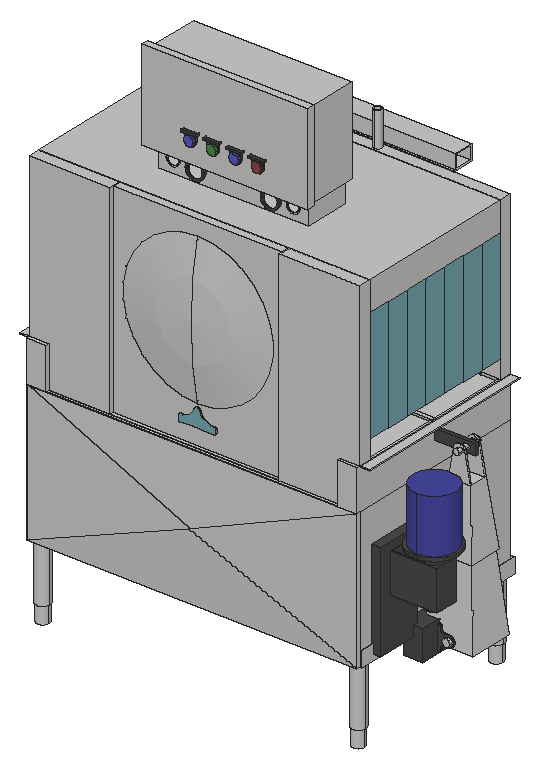
Revit family
Parameters (values of type "Requires Type Catalog QF_Stero_ER-44_L-R_S_cat.txt")
  Width = 3' - 8"
  Weight in Pounds = 850
  Watermarked By = "http://revitwatermark.com"
  Waste Water Discharge Temperature [instance] = -459.67 °F
  Volts = 208 V
  Ventilation Remarks [instance] = ""
  URL Cutsheet = ""
  URL = "www.stero.com"
  Total Height = 5' - 10 1/2"
  Table Height = 2' - 10"
  Swing Doors [instance] = no
  Steam Supply Volume [instance] = 0 GPM
  Steam Supply Size = 3/4"
  Steam Supply RI Height [instance] = 0' - 0"
  Steam Supply Minimum Pressure = 15.00 psi
  Steam Supply Maximum Pressure = 40.00 psi
  Steam Supply Connection Height = 1' - 2"
  Steam Pounds per Hour = 100
  Status [instance] = ""
  Standard Doors [instance] = not(Swing Doors)  # yes
  Specification by User [instance] = ""
  Specification by Manufacturer = ""
  Serial Number [instance] = ""
  Seismic Rating [instance] = ""
  SMACNA No [instance] = ""
  Right Ventilation Remarks [instance] = ""
  Right Vent [instance] = no
  Right Exhaust Volume [instance] = if(Right Vent, 400 CFM, 0 CFM)  # 0 CFM
  Right Exhaust Vent Width = 0' - 3 7/8"
  Right Exhaust Vent Text = "Vent, Unload End"
  Right Exhaust Vent Depth = 2' - 0 7/8"
  Right Exhaust Static Press = 0.00 in-wg
  Right Exhaust RI Height [instance] = 0' - 0"
  Right Exhaust Item Number [instance] = "-"
  Revision Code [instance] = ""
  Plumbing Remarks [instance] = ""
  Plumbing Connection Type [instance] = ""
  Phase = 1
  Number of Poles [instance] = 1
  NAFEM Spec ID Number [instance] = ""
  Model = "ER-44"
  Mechanical Remarks [instance] = ""
  Mechanical Connection Type [instance] = ""
  Masterspec = ""
  Manufacturer = "Stero"
  Machine Height = 4' - 7 1/2"
  Left Vent [instance] = no
  Item Number [instance] = "-"
  Installed By [instance] = ""
  Indirect Waste Size = 2"
  Indirect Waste Flow [instance] = 0 GPM
  Indirect Waste Connection Type [instance] = ""
  Indirect Waste Connection Height = 0' - 6"
  Hot Water Usage Rack = "0.5 Gal/Rack"
  Hot Water Usage = "118 GPH"
  Hot Water Temperature = 180 °F
  Hot Water Size = 3/4"
  Hot Water RI Height [instance] = 0' - 0"
  Hot Water Minimum Pressure = 20.00 psi
  Hot Water Maximum Pressure = 20.00 psi
  Hot Water Flow = 1.97 GPM
  Hot Water Consumption = 1.97 GPM
  Hot Water Connection Height = 5' - 0"
  HP = "2.58"
  Furnished By [instance] = ""
  Foodservice Equipment Identifier [instance] = yes
  FL Amps = 50.4 A
  Exhaust Volume [instance] = if(Left Vent, 200 CFM, 0 CFM)  # 0 CFM
  Exhaust Vent Width = 0' - 3 7/8"
  Exhaust Vent Text = "Vent, Load End"
  Exhaust Vent Depth = 2' - 0 7/8"
  Exhaust Static Press = 0.00 in-wg
  Exhaust RI Height [instance] = 0' - 0"
  Electrical Remarks [instance] = ""
  Electric Connection Type [instance] = ""
  Elec Conn RI Height [instance] = 0' - 0"
  Elec Conn Connection Height = 5' - 8 1/2"
  Double Door Opening [instance] = if(Swing Doors, 3' 0", 1' 10 1/2")  # 1' - 10 1/2"
  Description = "Dishwasher, Conveyor"
  Depth = 2' - 1"
  Cycle = 60 Hz
  Conn Conduit = yes
  Condensate Return Size = 1/2"
  Condensate Return RI Height [instance] = 0' - 0"
  Condensate Return Connection Height = 0' - 11"
  CSI MasterFormat = "11 48 13"
  Assembly Code = "E1090320"
  Apparent Power = if(Phase = 3, Volts * FL Amps * 1.73, Volts * FL Amps)  # 10483.2 VA
Values of the unnamed type that differ from the named types
  Watermarked By = ""
Reference planes (in)
  plane 1: z = 0
  plane 2 "LEFT": x = 2.32772
  plane 3 "BACK": y = -48
  plane 4 "TOP": z = 70.5
  plane 5 "RIGHT": x = 46.32772
  plane 6 "FRONT": y = -73
  plane 7 "Left of Top": x = 2.57772
  plane 8 "Right of Top": x = 46.07772
  plane 9 "Left of Ledge": x = 1.07772
  plane 10 "Right of Ledge": x = 47.57772
  plane 11 "Left End Cowl": x = -7.67228
  plane 12 "Right End Cowl": x = 56.32772
  plane 13: x = -0.73478
  plane 14: x = 49.39022
  plane 15 "Bottom of Machine": z = 10
  plane 16 "Table Height": z = 34
  plane 17 "Top of Machine": z = 55.5
  plane 18 "Panel Top": z = 28.5
  plane 19: z = 12
  plane 20: y = -73.5
  plane 21: y = -47.5
  plane 22: x = 2.07772
  plane 23: x = 46.57772
  plane 24: y = -49.625
  plane 25: y = -71.375
  plane 26 "Door Center": x = 24.32772
  plane 27: x = 13.07772
  plane 28: x = 35.57772
  plane 29 "Top of Opening": z = 51.5
  plane 30: z = 2.25
  plane 31: x = 14.32772
  plane 32: x = 34.32772
  plane 33: x = 13.32772
  plane 34: x = 35.32772
  plane 35 "Front of Lower Panel": y = -66.5
  plane 36: y = -60.5
  plane 37: y = -67
  plane 38 "Back of Panel": y = -60
  plane 39 "Front of Upper Panel": y = -68
  plane 40: x = 13.82772
  plane 41: x = 34.82772
  plane 42: x = 56.20272
  plane 43: x = -7.54728
  plane 44: x = -4.60978
  plane 45: x = 53.26522
  plane 46: y = -48.0625
  plane 47: y = -72.9375
  plane 48 "Top of Vents": z = 59.5
  plane 49: x = 9.82772
  plane 50: x = 38.82772
  plane 51: y = -45
  plane 52: z = 57.5
  plane 53: y = -43
  plane 54: z = 84.5
  plane 55: x = -1.67228
  plane 56: y = -51
  plane 57: z = 11
  plane 58: z = 14
  plane 59: x = 5.32772
  plane 60: x = 13.32772
  plane 61: x = 35.32772
  plane 62: x = 24.26522
  plane 63: x = 24.39022
  plane 64 "Left Handle": x = 22.89022
  plane 65 "Right Handle": x = 25.76522
  plane 66 "Top Hinge": z = 52.4375
  plane 67: z = 49.4375
  plane 68 "Bottom Hinge": z = 35.8125
  plane 69: z = 32.8125
Forms (in)
  Extrusion 1, solid, material "QF_Finishes_Stainless Steel"
    sketch origin (0, 0, 10) x (0, 1, 0) y (-1, 0, 0)
      loop
        line (-47.5, -2.07772) -> (-73, -2.07772) -> (-73, -46.57772) -> (-47.5, -46.57772) -> (-47.5, -2.07772)
    from 0 to 2
  Extrusion 2, solid, material "QF_Finishes_Stainless Steel"
    sketch origin (0, 0, 34) x (0, 1, 0) y (-1, 0, 0)
      loop
        line (-71.375, -2.57772) -> (-49.625, -2.57772) -> (-49.625, -4.89022) -> (-48, -4.89022) -> (-48, -2.32772) -> (-73.5, -2.32772) -> (-73.5, -4.89022) -> (-71.375, -4.89022) -> (-71.375, -2.57772)
    from 0 to -5.5
  Extrusion 3, solid, material "QF_Finishes_Stainless Steel"
    sketch origin (0, 0, 28.5) x (0, 1, 0) y (-1, 0, 0)
      loop
        line (-48, -2.32772) -> (-73, -2.32772) -> (-73, -46.32772) -> (-48, -46.32772) -> (-48, -2.32772)
    from 0 to -16.5
  Extrusion 4, solid, material "QF_Finishes_Stainless Steel"
    sketch origin (48.65544, 0, 34) x (0, 1, 0) y (-1, 0, 0)
      loop
        line (-71.375, 2.57772) -> (-71.375, 4.89022) -> (-73.5, 4.89022) -> (-73.5, 2.32772) -> (-48, 2.32772) -> (-48, 4.89022) -> (-49.625, 4.89022) -> (-49.625, 2.57772) -> (-71.375, 2.57772)
    from 0 to -5.5
  Extrusion 5, solid, material "QF_Finishes_Stainless Steel"
    sketch origin (0, 0, 34) x (0, 1, 0) y (-1, 0, 0)
      loop
        line (-48, -2.32772) -> (-48, -1.07772) -> (-73, -1.07772) -> (-73, -2.32772) -> (-48, -2.32772)
    from 0 to -0.125
  Extrusion 6, solid, material "QF_Finishes_Stainless Steel"
    sketch origin (0, 0, 34) x (0, 1, 0) y (-1, 0, 0)
      loop
        line (-48, -46.32772) -> (-73, -46.32772) -> (-73, -47.57772) -> (-48, -47.57772) -> (-48, -46.32772)
    from 0 to -0.125
  Extrusion 7, solid, material "QF_Finishes_Stainless Steel"
    sketch origin (0, 0, 34) x (0, 1, 0) y (-1, 0, 0)
      loop
        line (-48, -4.89022) -> (-49.625, -4.89022) -> (-49.625, -2.57772) -> (-71.375, -2.57772) -> (-71.375, -46.07772) -> (-49.625, -46.07772) -> (-49.625, -43.76522) -> (-48, -43.76522) -> (-48, -4.89022)
    from -0.25 to -5.5
  Extrusion 8, solid, material "QF_Finishes_Stainless Steel"
    sketch origin (0, 0, 34) x (0, 1, 0) y (-1, 0, 0)
      loop
        line (-60.25, -2.57772) -> (-60.75, -2.57772) -> (-60.75, -46.07772) -> (-60.25, -46.07772) -> (-60.25, -2.57772)
      loop
        line (-48, -4.89022) -> (-49.625, -4.89022) -> (-49.625, -43.76522) -> (-48, -43.76522) -> (-48, -4.89022)
    from 0 to -0.25
  Extrusion 9, solid, material "QF_Finishes_Stainless Steel"
    sketch origin (0, 0, 55.5) x (0, 1, 0) y (-1, 0, 0)
      loop
        line (-49.625, -2.32772) -> (-71.375, -2.32772) -> (-71.375, -46.32772) -> (-49.625, -46.32772) -> (-49.625, -2.32772)
    from 0 to -4
  Extrusion 10, solid, material "QF_Finishes_Stainless Steel"
    sketch origin (0, 0, 55.5) x (0, 1, 0) y (-1, 0, 0)
      loop
        line (-48, -2.32772) -> (-49.625, -2.32772) -> (-49.625, -46.32772) -> (-48, -46.32772) -> (-48, -2.32772)
    from 0 to -21.5
  Extrusion 11, solid, material "QF_Finishes_Stainless Steel"
    sketch origin (0, -73, 0) x (-1, 0, 0) y (0, 0, 1)
      loop
        line (-2.32772, 55.5) -> (-13.07772, 55.5) -> (-13.07772, 28.5) -> (-4.89022, 28.5) -> (-4.89022, 34) -> (-2.32772, 34) -> (-2.32772, 55.5)
    from 0 to 1.625
  Blend 12, solid, material "QF_Finishes_Stainless Steel"
    base sketch origin (-15.01335, -74, 48) x (-1, 0, 0) y (0, 0, 1)
      loop
        line (-17.34107, -19.5) -> (-61.34107, -19.5) -> (-61.34107, -38) -> (-17.34107, -38) -> (-17.34107, -19.5)
    top sketch origin (-15.01335, -74, 48) x (-1, 0, 0) y (0, 0, 1)
      loop
        line (-39.37232, -28.71875) -> (-39.37232, -28.78125) -> (-39.30982, -28.78125) -> (-39.30982, -28.71875) -> (-39.37232, -28.71875)
    from 0.5 to 0
  Extrusion 13, solid, material "QF_Finishes_Stainless Steel"
    sketch origin (0, 0, 10) x (0, 1, 0) y (-1, 0, 0)
      loop
        line (-73, -2.32772) -> (-73.5, -2.32772) -> (-73.5, -46.32772) -> (-73, -46.32772) -> (-73, -2.32772)
    from 0 to 18.5
  Extrusion 14, solid, material "QF_Finishes_Stainless Steel"
    sketch origin (0, -73, 0) x (-1, 0, 0) y (0, 0, 1)
      loop
        line (-35.57772, 55.5) -> (-46.32772, 55.5) -> (-46.32772, 34) -> (-43.76522, 34) -> (-43.76522, 28.5) -> (-35.57772, 28.5) -> (-35.57772, 55.5)
    from 0 to 1.625
  Extrusion 15, solid, material "QF_Finishes_Stainless Steel", visible <- "Standard Doors"
    sketch origin (0, 0, 55.5) x (0, 1, 0) y (-1, 0, 0)
      loop
        line (-71.375, -13.07772) -> (-72.5, -13.07772) -> (-72.5, -35.57772) -> (-71.375, -35.57772) -> (-71.375, -13.07772)
    from 0 to -27
  Revolve 16, solid, material "QF_Finishes_Stainless Steel", visible <- "Standard Doors"
    sketch origin (24.32772, 0, 0) x (0, 1, 0) y (0, 0, 1)
      loop
        line (-72.5, 43.5) -> (-72.5, 53.5)
        arc (-72.5, 53.5) -> (-73.26244, 48.52624) -> (-73.5, 43.5) r 48
        line (-73.5, 43.5) -> (-72.5, 43.5)
      axis (-72.5, 43.5) -> (-73.5, 43.5)
    angle from 0 to 360
  Extrusion 17, solid, material "QF_Finishes_Stainless Steel"
    sketch origin (0, 0, 0) x (1, 0, 0) y (0, 1, 0)
      loop
        circle (3.32772, -49) r 0.8125
    from 0 to 2.25
  Extrusion 18, solid, material "QF_Finishes_Stainless Steel"
    sketch origin (0, 0, 0) x (1, 0, 0) y (0, 1, 0)
      loop
        circle (3.32772, -49) r 0.9375
    from 2.25 to 10
  Extrusion 19, solid, material "QF_Finishes_Stainless Steel"
    sketch origin (48.65544, 0, 0) x (-1, 0, 0) y (0, -1, 0)
      loop
        circle (3.32772, 49) r 0.8125
    from 0 to 2.25
  Extrusion 20, solid, material "QF_Finishes_Stainless Steel"
    sketch origin (48.65544, 0, 0) x (-1, 0, 0) y (0, -1, 0)
      loop
        circle (3.32772, 49) r 0.9375
    from 2.25 to 10
  Extrusion 21, solid, material "QF_Finishes_Stainless Steel"
    sketch origin (0, -121, 0) x (1, 0, 0) y (0, 1, 0)
      loop
        circle (3.32772, 49) r 0.8125
    from 0 to 2.25
  Extrusion 22, solid, material "QF_Finishes_Stainless Steel"
    sketch origin (0, -121, 0) x (1, 0, 0) y (0, 1, 0)
      loop
        circle (3.32772, 49) r 0.9375
    from 2.25 to 10
  Extrusion 23, solid, material "QF_Finishes_Stainless Steel"
    sketch origin (48.65544, -121, 0) x (-1, 0, 0) y (0, -1, 0)
      loop
        circle (3.32772, -49) r 0.8125
    from 0 to 2.25
  Extrusion 24, solid, material "QF_Finishes_Stainless Steel"
    sketch origin (48.65544, -121, 0) x (-1, 0, 0) y (0, -1, 0)
      loop
        circle (3.32772, -49) r 0.9375
    from 2.25 to 10
  Extrusion 25, solid, material "QF_Finishes_Light Blue"
    sketch origin (0, 0, 51.5) x (0, 1, 0) y (-1, 0, 0)
      loop
        line (-49.625, -46.32772) -> (-49.625, -46.20272) -> (-52.625, -46.20272) -> (-52.625, -46.32772) -> (-49.625, -46.32772)
      loop
        line (-52.75, -46.32772) -> (-52.75, -46.20272) -> (-55.75, -46.20272) -> (-55.75, -46.32772) -> (-52.75, -46.32772)
      loop
        line (-55.875, -46.32772) -> (-55.875, -46.20272) -> (-58.875, -46.20272) -> (-58.875, -46.32772) -> (-55.875, -46.32772)
      loop
        line (-59, -46.32772) -> (-59, -46.20272) -> (-62, -46.20272) -> (-62, -46.32772) -> (-59, -46.32772)
      loop
        line (-62.125, -46.32772) -> (-62.125, -46.20272) -> (-65.125, -46.20272) -> (-65.125, -46.32772) -> (-62.125, -46.32772)
      loop
        line (-65.25, -46.32772) -> (-65.25, -46.20272) -> (-68.25, -46.20272) -> (-68.25, -46.32772) -> (-65.25, -46.32772)
      loop
        line (-68.375, -46.32772) -> (-68.375, -46.20272) -> (-71.375, -46.20272) -> (-71.375, -46.32772) -> (-68.375, -46.32772)
    from 0 to -15
  Extrusion 26, solid, material "QF_Finishes_Light Blue"
    sketch origin (48.65544, 0, 51.5) x (0, 1, 0) y (-1, 0, 0)
      loop
        line (-49.625, 46.32772) -> (-52.625, 46.32772) -> (-52.625, 46.20272) -> (-49.625, 46.20272) -> (-49.625, 46.32772)
      loop
        line (-52.75, 46.32772) -> (-55.75, 46.32772) -> (-55.75, 46.20272) -> (-52.75, 46.20272) -> (-52.75, 46.32772)
      loop
        line (-55.875, 46.32772) -> (-58.875, 46.32772) -> (-58.875, 46.20272) -> (-55.875, 46.20272) -> (-55.875, 46.32772)
      loop
        line (-59, 46.32772) -> (-62, 46.32772) -> (-62, 46.20272) -> (-59, 46.20272) -> (-59, 46.32772)
      loop
        line (-62.125, 46.32772) -> (-65.125, 46.32772) -> (-65.125, 46.20272) -> (-62.125, 46.20272) -> (-62.125, 46.32772)
      loop
        line (-65.25, 46.32772) -> (-68.25, 46.32772) -> (-68.25, 46.20272) -> (-65.25, 46.20272) -> (-65.25, 46.32772)
      loop
        line (-68.375, 46.32772) -> (-71.375, 46.32772) -> (-71.375, 46.20272) -> (-68.375, 46.20272) -> (-68.375, 46.32772)
    from 0 to -15
  Extrusion 27, solid, material "QF_Finishes_Stainless Steel"
    sketch origin (0, 0, 55.5) x (0, 1, 0) y (-1, 0, 0)
      loop
        line (-60.5, -14.32772) -> (-66.5, -14.32772) -> (-66.5, -34.32772) -> (-60.5, -34.32772) -> (-60.5, -14.32772)
    from 0 to 3.5
  Extrusion 28, solid, material "QF_Finishes_Stainless Steel"
    sketch origin (0, 0, 55.5) x (0, 1, 0) y (-1, 0, 0)
      loop
        line (-60, -13.82772) -> (-67, -13.82772) -> (-67, -34.82772) -> (-60, -34.82772) -> (-60, -13.82772)
    from 3 to 14.5
  Extrusion 29, solid, material "QF_Finishes_Stainless Steel"
    sketch origin (0, 0, 55.5) x (0, 1, 0) y (-1, 0, 0)
      loop
        line (-67, -13.32772) -> (-68, -13.32772) -> (-68, -35.32772) -> (-67, -35.32772) -> (-67, -13.32772)
    from 3 to 15
  Extrusion 30, solid, material "QF_Finishes_Black"
    sketch origin (0, -66.5, 0) x (-1, 0, 0) y (0, 0, 1)
      loop
        circle (-19.32772, 57) r 1.25
      loop
        circle (-19.32772, 57) r 1
    from 0 to -0.25
  Extrusion 31, solid, material "QF_Finishes_Stainless Steel"
    sketch origin (0, -66.5, 0) x (-1, 0, 0) y (0, 0, 1)
      loop
        circle (-16.32772, 57.25) r 0.75
      loop
        circle (-16.32772, 57.25) r 0.875
    from 0 to -0.125
  Extrusion 32, solid, material "QF_Finishes_White"
    sketch origin (0, -66.5, 0) x (-1, 0, 0) y (0, 0, 1)
      loop
        circle (-16.32772, 57.25) r 0.75
    from 0 to -0.0625
  Extrusion 33, solid, material "QF_Finishes_White"
    sketch origin (0, -66.5, 0) x (-1, 0, 0) y (0, 0, 1)
      loop
        circle (-19.32772, 57) r 1
    from 0 to -0.0625
  Extrusion 34, solid, material "QF_Finishes_Black"
    sketch origin (48.65544, -66.5, 0) x (1, 0, 0) y (0, 0, -1)
      loop
        circle (-19.32772, -57) r 1.25
      loop
        circle (-19.32772, -57) r 1
    from 0 to -0.25
  Extrusion 35, solid, material "QF_Finishes_Stainless Steel"
    sketch origin (48.65544, -66.5, 0) x (1, 0, 0) y (0, 0, -1)
      loop
        circle (-16.32772, -57.25) r 0.75
      loop
        circle (-16.32772, -57.25) r 0.875
    from 0 to -0.125
  Extrusion 36, solid, material "QF_Finishes_White"
    sketch origin (48.65544, -66.5, 0) x (1, 0, 0) y (0, 0, -1)
      loop
        circle (-16.32772, -57.25) r 0.75
    from 0 to -0.0625
  Extrusion 37, solid, material "QF_Finishes_White"
    sketch origin (48.65544, -66.5, 0) x (1, 0, 0) y (0, 0, -1)
      loop
        circle (-19.32772, -57) r 1
    from 0 to -0.0625
  Extrusion 38, solid, material "QF_Finishes_Black"
    sketch origin (0, -68, 0) x (-1, 0, 0) y (0, 0, 1)
      loop
        line (-23.82772, 62.5) -> (-23.82772, 62.25) -> (-21.82772, 62.25) -> (-21.82772, 62.5) -> (-23.82772, 62.5)
      loop
        line (-20.82772, 62.5) -> (-20.82772, 62.25) -> (-18.82772, 62.25) -> (-18.82772, 62.5) -> (-20.82772, 62.5)
      loop
        line (-24.82772, 62.5) -> (-26.82772, 62.5) -> (-26.82772, 62.25) -> (-24.82772, 62.25) -> (-24.82772, 62.5)
      loop
        line (-27.82772, 62.5) -> (-29.82772, 62.5) -> (-29.82772, 62.25) -> (-27.82772, 62.25) -> (-27.82772, 62.5)
    from 0 to -0.5
  Extrusion 39, solid, material "QF_Finishes_Navy Blue"
    sketch origin (0, -68, 0) x (-1, 0, 0) y (0, 0, 1)
      loop
        circle (-19.82772, 61.375) r 0.625
    from -0.125 to -0.375
  Extrusion 40, solid, material "QF_Finishes_LED Green"
    sketch origin (3, -68, 0) x (-1, 0, 0) y (0, 0, 1)
      loop
        circle (-19.82772, 61.375) r 0.625
    from -0.125 to -0.375
  Extrusion 41, solid, material "QF_Finishes_Navy Blue"
    sketch origin (6, -68, 0) x (-1, 0, 0) y (0, 0, 1)
      loop
        circle (-19.82772, 61.375) r 0.625
    from -0.125 to -0.375
  Extrusion 42, solid, material "QF_Finishes_LED Red"
    sketch origin (9, -68, 0) x (-1, 0, 0) y (0, 0, 1)
      loop
        circle (-19.82772, 61.375) r 0.625
    from -0.125 to -0.375
  Extrusion 43, solid, material "QF_Finishes_Black"
    sketch origin (0, -68, 0) x (-1, 0, 0) y (0, 0, 1)
      loop
        arc (-20.57772, 61.375) -> (-19.82772, 60.625) -> (-19.07772, 61.375) r 0.75
        line (-19.07772, 61.375) -> (-19.07772, 62.25) -> (-20.57772, 62.25) -> (-20.57772, 61.375)
      loop
        arc (-23.57772, 61.375) -> (-22.82772, 60.625) -> (-22.07772, 61.375) r 0.75
        line (-22.07772, 61.375) -> (-22.07772, 62.25) -> (-23.57772, 62.25) -> (-23.57772, 61.375)
      loop
        arc (-26.57772, 61.375) -> (-25.82772, 60.625) -> (-25.07772, 61.375) r 0.75
        line (-25.07772, 61.375) -> (-25.07772, 62.25) -> (-26.57772, 62.25) -> (-26.57772, 61.375)
      loop
        arc (-29.57772, 61.375) -> (-28.82772, 60.625) -> (-28.07772, 61.375) r 0.75
        line (-28.07772, 61.375) -> (-28.07772, 62.25) -> (-29.57772, 62.25) -> (-29.57772, 61.375)
    from 0 to -0.125
  Extrusion 44, solid, material "QF_Finishes_Light Blue", visible <- "Standard Doors"
    sketch origin (0, -73, 0) x (-1, 0, 0) y (0, 0, 1)
      loop
        line (-23.71645, 30.65632) -> (-22.08461, 30.57309)
        arc (-22.08461, 30.57309) -> (-21.90443, 30.64773) -> (-21.82979, 30.82792) r 0.25483
        line (-21.82979, 30.82792) -> (-21.82979, 31.31285)
        arc (-21.82979, 31.31285) -> (-21.90343, 31.49062) -> (-22.08121, 31.56426) r 0.25142
        arc (-22.08121, 31.56426) -> (-23.22593, 31.7803) -> (-23.90311, 32.72819) r 1.56264
        arc (-23.90311, 32.72819) -> (-24.31726, 33.06213) -> (-24.74741, 32.74907) r 0.43733
        arc (-24.74741, 32.74907) -> (-25.42049, 31.78611) -> (-26.57423, 31.56426) r 1.56264
        arc (-26.57423, 31.56426) -> (-26.75201, 31.49062) -> (-26.82565, 31.31285) r 0.25142
        line (-26.82565, 31.31285) -> (-26.82565, 30.82792)
        arc (-26.82565, 30.82792) -> (-26.75101, 30.64773) -> (-26.57082, 30.57309) r 0.25483
        line (-26.57082, 30.57309) -> (-24.93898, 30.65632)
        arc (-24.93898, 30.65632) -> (-24.32772, 30.6719) -> (-23.71645, 30.65632) r 12
    from 0.5 to 0.4375
  Extrusion 45, solid, material "QF_Finishes_Stainless Steel", visible <- "Right Vent"
    sketch origin (46.07772, 0, 0) x (0, -1, 0) y (0, 0, 1)
      loop
        line (73, 55.5) -> (48, 55.5) -> (48, 50.5625) -> (49.625, 48.9375) -> (49.625, 49.11428) -> (48.125, 50.61428) -> (48.125, 55.375) -> (72.875, 55.375) -> (72.875, 39.17678) -> (71.375, 37.67678) -> (71.375, 37.5) -> (73, 39.125) -> (73, 55.5)
    from -0.25 to -10.125
  Extrusion 46, solid, material "QF_Finishes_Stainless Steel", visible <- "Left Vent"
    sketch origin (2.57772, 0, 0) x (0, 1, 0) y (0, 0, 1)
      loop
        line (-73, 55.5) -> (-73, 39.125) -> (-71.375, 37.5) -> (-71.375, 37.67678) -> (-72.875, 39.17678) -> (-72.875, 55.375) -> (-48.125, 55.375) -> (-48.125, 50.61428) -> (-49.625, 49.11428) -> (-49.625, 48.9375) -> (-48, 50.5625) -> (-48, 55.5) -> (-73, 55.5)
    from -0.25 to -10.125
  Extrusion 47, solid, material "QF_Finishes_Stainless Steel", visible <- "Right Vent"
    sketch origin (56.32772, 0, 0) x (0, 1, 0) y (0, 0, 1)
      loop
        line (-71.375, 37.5) -> (-71.375, 51.5) -> (-49.625, 51.5) -> (-49.625, 48.9375) -> (-48, 50.5625) -> (-48, 55.5) -> (-73, 55.5) -> (-73, 39.125) -> (-71.375, 37.5)
    from 0 to -0.125
  Extrusion 48, solid, material "QF_Finishes_Stainless Steel", visible <- "Left Vent"
    sketch origin (-7.67228, 0, 0) x (0, 1, 0) y (0, 0, 1)
      loop
        line (-71.375, 37.5) -> (-71.375, 51.5) -> (-49.625, 51.5) -> (-49.625, 48.9375) -> (-48, 50.5625) -> (-48, 55.5) -> (-73, 55.5) -> (-73, 39.125) -> (-71.375, 37.5)
    from 0 to 0.125
  Extrusion 49, solid, material "QF_Finishes_Stainless Steel", visible <- "Left Vent"
    sketch origin (0, 0, 55.5) x (0, 1, 0) y (-1, 0, 0)
      loop
        line (-48.0625, 4.60978) -> (-72.9375, 4.60978) -> (-72.9375, 0.73478) -> (-48.0625, 0.73478) -> (-48.0625, 4.60978)
      loop
        line (-48.1875, 4.48478) -> (-72.8125, 4.48478) -> (-72.8125, 0.85978) -> (-48.1875, 0.85978) -> (-48.1875, 4.48478)
    from 0 to 4
  Extrusion 50, solid, material "QF_Finishes_Stainless Steel", visible <- "Right Vent"
    sketch origin (48.65544, 0, 55.5) x (0, 1, 0) y (-1, 0, 0)
      loop
        line (-48.0625, -4.60978) -> (-48.0625, -0.73478) -> (-72.9375, -0.73478) -> (-72.9375, -4.60978) -> (-48.0625, -4.60978)
      loop
        line (-48.1875, -4.48478) -> (-48.1875, -0.85978) -> (-72.8125, -0.85978) -> (-72.8125, -4.48478) -> (-48.1875, -4.48478)
    from 0 to 4
  Extrusion 51, void
    sketch origin (0, 0, 55.5) x (0, 1, 0) y (-1, 0, 0)
      loop
        line (-48.1875, 4.48478) -> (-72.8125, 4.48478) -> (-72.8125, 0.85978) -> (-48.1875, 0.85978) -> (-48.1875, 4.48478)
    from 0 to -0.125
  Extrusion 52, void
    sketch origin (0, 0, 55.5) x (0, 1, 0) y (-1, 0, 0)
      loop
        line (-48.1875, -49.51522) -> (-72.8125, -49.51522) -> (-72.8125, -53.14022) -> (-48.1875, -53.14022) -> (-48.1875, -49.51522)
    from 0 to -0.125
  Extrusion 53, solid, material "QF_Finishes_Black"
    sketch origin (0, -73, 0) x (-1, 0, 0) y (0, 0, 1)
      loop
        line (-46.57772, 12) -> (-46.32772, 12) -> (-46.32772, 23.9375) -> (-47.70272, 23.9375) -> (-47.70272, 10.9375) -> (-46.57772, 10.9375) -> (-46.57772, 12)
    from 1.8125 to 7.8125
  Extrusion 54, solid, material "QF_Finishes_Black"
    sketch origin (0, 0, 10) x (0, 1, 0) y (-1, 0, 0)
      loop
        circle (-68.1875, -52.32772) r 1.0625
    from 7.1875 to 7.6875
  Extrusion 55, solid, material "QF_Finishes_Black"
    sketch origin (0, 0, 10) x (0, 1, 0) y (-1, 0, 0)
      loop
        circle (-68.1875, -52.32772) r 1.3125
    from 12.9375 to 13.4375
  Blend 56, solid, material "QF_Finishes_Black"
    base sketch origin (0, 0, 10) x (0, 1, 0) y (-1, 0, 0)
      loop
        circle (-68.1875, -52.32772) r 1.3125
    top sketch origin (0, 0, 10) x (0, 1, 0) y (-1, 0, 0)
      loop
        circle (-68.1875, -52.32772) r 2.0625
    from 13.4375 to 14.4375
  Extrusion 57, solid, material "QF_Finishes_Black"
    sketch origin (0, 0, 10) x (0, 1, 0) y (-1, 0, 0)
      loop
        circle (-68.1875, -52.32772) r 3.25
    from 14.4375 to 14.8125
  Extrusion 58, solid, material "QF_Finishes_Blue"
    sketch origin (0, 0, 10) x (0, 1, 0) y (-1, 0, 0)
      loop
        circle (-68.1875, -52.32772) r 2.875
    from 14.8125 to 21.9375
  Extrusion 59, solid, material "QF_Finishes_Black"
    sketch origin (0, -73, 0) x (-1, 0, 0) y (0, 0, 1)
      loop
        line (-46.32772, 33.1875) -> (-51.82772, 33.1875) -> (-51.82772, 31.6875) -> (-46.32772, 31.6875) -> (-46.32772, 33.1875)
      loop
        circle (-50.57772, 32.4375) r 0.375
    from 12.3125 to 12.6875
  Extrusion 60, solid, material "QF_Finishes_Black"
    sketch origin (0, -73, 0) x (-1, 0, 0) y (0, 0, 1)
      loop
        line (-46.32772, 12) -> (-46.32772, 12.4375) -> (-49.07772, 12.4375) -> (-49.07772, 8.4375) -> (-46.57772, 8.4375) -> (-46.57772, 12) -> (-46.32772, 12)
    from 7 to 18
  Extrusion 61, solid, material "QF_Finishes_Black"
    sketch origin (0, -73, 0) x (-1, 0, 0) y (0, 0, 1)
      loop
        line (-49.07772, 12.125) -> (-49.32772, 12.125)
        arc (-49.32772, 12.125) -> (-49.5045, 12.05178) -> (-49.57772, 11.875) r 0.25
        line (-49.57772, 11.875) -> (-49.57772, 11.5625)
        arc (-49.57772, 11.5625) -> (-49.68755, 11.29733) -> (-49.95272, 11.1875) r 0.375
        line (-49.95272, 11.1875) -> (-50.57772, 11.1875)
        arc (-50.57772, 11.1875) -> (-51.32772, 10.4375) -> (-50.57772, 9.6875) r 0.75
        line (-50.57772, 9.6875) -> (-49.95272, 9.6875)
        arc (-49.95272, 9.6875) -> (-49.68755, 9.57767) -> (-49.57772, 9.3125) r 0.375
        line (-49.57772, 9.3125) -> (-49.57772, 9)
        arc (-49.57772, 9) -> (-49.5045, 8.82322) -> (-49.32772, 8.75) r 0.25
        line (-49.32772, 8.75) -> (-49.07772, 8.75) -> (-49.07772, 12.125)
      loop
        circle (-50.57772, 10.4375) r 0.5
    from 9.375 to 9.5
  Extrusion 62, solid, material "QF_Finishes_Black"
    sketch origin (0, -66.875, 0) x (-1, 0, 0) y (0, 0, 1)
      loop
        line (-49.07772, 12.125) -> (-49.32772, 12.125)
        arc (-49.32772, 12.125) -> (-49.5045, 12.05178) -> (-49.57772, 11.875) r 0.25
        line (-49.57772, 11.875) -> (-49.57772, 11.5625)
        arc (-49.57772, 11.5625) -> (-49.68755, 11.29733) -> (-49.95272, 11.1875) r 0.375
        line (-49.95272, 11.1875) -> (-50.57772, 11.1875)
        arc (-50.57772, 11.1875) -> (-51.32772, 10.4375) -> (-50.57772, 9.6875) r 0.75
        line (-50.57772, 9.6875) -> (-49.95272, 9.6875)
        arc (-49.95272, 9.6875) -> (-49.68755, 9.57767) -> (-49.57772, 9.3125) r 0.375
        line (-49.57772, 9.3125) -> (-49.57772, 9)
        arc (-49.57772, 9) -> (-49.5045, 8.82322) -> (-49.32772, 8.75) r 0.25
        line (-49.32772, 8.75) -> (-49.07772, 8.75) -> (-49.07772, 12.125)
      loop
        circle (-50.57772, 10.4375) r 0.5
    from 9.375 to 9.5
  Extrusion 63, solid, material "QF_Finishes_Stainless Steel"
    sketch origin (0, -73, 0) x (-1, 0, 0) y (0, 0, 1)
      loop
        circle (-50.57772, 32.4375) r 0.375
      loop
        line (-51.31584, 32.57045) -> (-52.01522, 28.6875) -> (-49.14022, 28.6875) -> (-49.8396, 32.57045)
        arc (-49.8396, 32.57045) -> (-50.57772, 33.1875) -> (-51.31584, 32.57045) r 0.75
    from 11.25 to 11.375
  Extrusion 64, solid, material "QF_Finishes_Stainless Steel"
    sketch origin (0, -48, 0) x (-1, 0, 0) y (0, 0, -1)
      loop
        circle (-50.57772, -32.4375) r 0.375
      loop
        arc (-51.31584, -32.57045) -> (-50.57772, -33.1875) -> (-49.8396, -32.57045) r 0.75
        line (-49.8396, -32.57045) -> (-49.14022, -28.6875) -> (-52.01522, -28.6875) -> (-51.31584, -32.57045)
    from 11.25 to 11.375
  Extrusion 65, solid, material "QF_Finishes_Stainless Steel"
    sketch origin (0, -73, 0) x (-1, 0, 0) y (0, 0, 1)
      loop
        circle (-50.57772, 32.4375) r 0.375
    from 10.75 to 14.25
  Blend 66, solid, material "QF_Finishes_Stainless Steel"
    base sketch origin (0, 0, 34) x (0, 1, 0) y (-1, 0, 0)
      loop
        line (-58.25, -47.89022) -> (-62.75, -47.89022) -> (-62.75, -53.01522) -> (-58.25, -53.01522) -> (-58.25, -47.89022)
    top sketch origin (0, 0, 34) x (0, 1, 0) y (-1, 0, 0)
      loop
        line (-59.25, -49.14022) -> (-61.75, -49.14022) -> (-61.75, -52.01522) -> (-59.25, -52.01522) -> (-59.25, -49.14022)
    from -14.0625 to -5.3125
  Blend 67, solid, material "QF_Finishes_Stainless Steel"
    base sketch origin (0, 0, 25.25) x (0, 1, 0) y (-1, 0, 0)
      loop
        line (-57.5, -47.14022) -> (-63.5, -47.14022) -> (-63.5, -53.76522) -> (-57.5, -53.76522) -> (-57.5, -47.14022)
    top sketch origin (0, 0, 25.25) x (0, 1, 0) y (-1, 0, 0)
      loop
        line (-58.5, -48.14022) -> (-62.5, -48.14022) -> (-62.5, -52.76522) -> (-58.5, -52.76522) -> (-58.5, -48.14022)
    from -15.5625 to -5.3125
  Extrusion 68, solid, material "QF_Finishes_Stainless Steel"
    sketch origin (0, -73, -22) x (-1, 0, 0) y (0, 0, 1)
      loop
        circle (-50.57772, 32.4375) r 0.5
    from 9 to 16
  Extrusion 69, solid, material "QF_Finishes_Stainless Steel"
    sketch origin (0, 0, 55.5) x (0, 1, 0) y (-1, 0, 0)
      loop
        circle (-48.75, -29.32772) r 0.375
      loop
        circle (-48.75, -29.32772) r 0.5
    from 0 to 4.5
  Extrusion 70, solid, material "QF_Finishes_Stainless Steel"
    sketch origin (2.32772, 0, 0) x (0, 1, 0) y (0, 0, 1)
      loop
        line (-45, 57.5) -> (-47.75, 57.5) -> (-47.75, 55.5) -> (-45, 55.5) -> (-45, 57.5)
      loop
        line (-45.125, 57.375) -> (-47.625, 57.375) -> (-47.625, 55.625) -> (-45.125, 55.625) -> (-45.125, 57.375)
    from 7.5 to 36.5
  Extrusion 71, solid, material "QF_Finishes_Stainless Steel"
    sketch origin (2.32772, 0, 0) x (0, 1, 0) y (0, 0, 1)
      loop
        line (-47.75, 55.5) -> (-47.75, 55.625) -> (-48, 55.625) -> (-48, 55.5) -> (-47.75, 55.5)
    from 7.5 to 36.5
  Extrusion 72, solid, material "QF_Finishes_Stainless Steel"
    sketch origin (0, -60, 0) x (-1, 0, 0) y (0, 0, 1)
      loop
        circle (-34.32772, 68.5) r 0.25
    from 0 to 0.0625
  Extrusion 73, solid, material "QF_Finishes_Stainless Steel"
    sketch origin (0, 0, 10) x (0, 1, 0) y (-1, 0, 0)
      loop
        circle (-50, -18.32772) r 1
      loop
        circle (-50, -18.32772) r 1.125
    from 0 to -4
  Extrusion 74, solid, material "QF_Finishes_Clearance", detail levels coarse
    sketch origin (0, 0, 0) x (1, 0, 0) y (0, 1, 0)
      loop
        line (1.07772, -47.5) -> (9.82772, -47.5) -> (9.82772, -45) -> (38.82772, -45) -> (38.82772, -47.5) -> (47.57772, -47.5) -> (47.57772, -43) -> (1.07772, -43) -> (1.07772, -47.5)
    from 0 to 70.5
  Extrusion 75, solid, material "QF_Finishes_Clearance", visible <- "Standard Doors", detail levels coarse
    sketch origin (0, -73, 0) x (-1, 0, 0) y (0, 0, 1)
      loop
        line (-13.07772, 84.5) -> (-35.57772, 84.5) -> (-35.57772, 55.5) -> (-13.07772, 55.5) -> (-13.07772, 84.5)
    from 0 to 1.625
  Extrusion 76, solid, material "QF_Finishes_Clearance", visible <- "Right Vent", detail levels coarse
    sketch origin (0, 0, 0) x (1, 0, 0) y (0, 1, 0)
      loop
        line (47.57772, -43) -> (47.57772, -47.5) -> (56.32772, -47.5) -> (56.32772, -43) -> (47.57772, -43)
    from 0 to 70.5
  Extrusion 77, solid, material "QF_Finishes_Clearance", visible <- "Left Vent", detail levels coarse
    sketch origin (0, 0, 0) x (1, 0, 0) y (0, 1, 0)
      loop
        line (-7.67228, -43) -> (-7.67228, -47.5) -> (1.07772, -47.5) -> (1.07772, -43) -> (-7.67228, -43)
    from 0 to 70.5
  Extrusion 78, solid, material "QF_Finishes_Stainless Steel"
    sketch origin (0, -48, 0) x (1, 0, 0) y (0, 0, 1)
      loop
        circle (-1.67228, 14) r 0.375
      loop
        circle (-1.67228, 14) r 0.5
    from 0 to 3
  Extrusion 79, void
    sketch origin (0, 0, 10) x (0, 1, 0) y (-1, 0, 0)
      loop
        circle (-51, -5.32772) r 0.25
    from 0 to 1
  Extrusion 80, solid, material "QF_Finishes_Stainless Steel", visible <- "Swing Doors"
    sketch origin (0, 0, 55.5) x (0, 1, 0) y (-1, 0, 0)
      loop
        line (-71.375, -13.32772) -> (-73, -13.32772) -> (-73, -24.26522) -> (-71.375, -24.26522) -> (-71.375, -13.32772)
    from 0 to -27
  Extrusion 81, solid, material "QF_Finishes_Stainless Steel", visible <- "Swing Doors"
    sketch origin (0, 0, 55.5) x (0, 1, 0) y (-1, 0, 0)
      loop
        line (-71.375, -24.39022) -> (-73, -24.39022) -> (-73, -35.32772) -> (-71.375, -35.32772) -> (-71.375, -24.39022)
    from 0 to -27
  Extrusion 82, solid, material "QF_Finishes_Stainless Steel", visible <- "Swing Doors"
    sketch origin (0, 0, 52.4375) x (0, 1, 0) y (-1, 0, 0)
      loop
        circle (-73.25, -13.07772) r 0.25
    from 0 to -3
  Extrusion 83, solid, material "QF_Finishes_Stainless Steel", visible <- "Swing Doors"
    sketch origin (0, 0, 35.8125) x (0, 1, 0) y (-1, 0, 0)
      loop
        circle (-73.25, -13.07772) r 0.25
    from 0 to -3
  Extrusion 84, solid, material "QF_Finishes_Stainless Steel", visible <- "Swing Doors"
    sketch origin (35.5, 0, 52.4375) x (0, 1, 0) y (-1, 0, 0)
      loop
        circle (-73.25, -0.07772) r 0.25
    from 0 to -3
  Extrusion 85, solid, material "QF_Finishes_Stainless Steel", visible <- "Swing Doors"
    sketch origin (35.5, 0, 35.8125) x (0, 1, 0) y (-1, 0, 0)
      loop
        circle (-73.25, -0.07772) r 0.25
    from 0 to -3
  Sweep 86, solid, material "QF_Finishes_Stainless Steel", visible <- "Swing Doors"
    path origin (22.89022, 0, 0) x (0, 1, 0) y (0, 0, 1)
      loop
        line (-73, 47.0625) -> (-73.625, 47.0625)
        arc (-73.625, 47.0625) -> (-73.97855, 46.91605) -> (-74.125, 46.5625) r 0.5
        line (-74.125, 46.5625) -> (-74.125, 38.3125)
        arc (-74.125, 38.3125) -> (-73.97855, 37.95895) -> (-73.625, 37.8125) r 0.5
        line (-73.625, 37.8125) -> (-73, 37.8125)
    profile origin (22.89022, -73.3125, 47.0625) x (0, 0, -1) y (1, 0, 0)
      loop
        circle (0, 0) r 0.375
  Sweep 87, solid, material "QF_Finishes_Stainless Steel", visible <- "Swing Doors"
    path origin (25.76522, 0, 0) x (0, 1, 0) y (0, 0, 1)
      loop
        line (-73, 47.0625) -> (-73.625, 47.0625)
        arc (-73.625, 47.0625) -> (-73.97855, 46.91605) -> (-74.125, 46.5625) r 0.5
        line (-74.125, 46.5625) -> (-74.125, 38.3125)
        arc (-74.125, 38.3125) -> (-73.97855, 37.95895) -> (-73.625, 37.8125) r 0.5
        line (-73.625, 37.8125) -> (-73, 37.8125)
    profile origin (25.76522, -73.3125, 47.0625) x (0, 0, 1) y (-1, 0, 0)
      loop
        circle (0, 0) r 0.375
  Extrusion 88, solid, material "QF_Finishes_Black"
    sketch origin (-0.25, 0, 10) x (0, 1, 0) y (-1, 0, 0)
      loop
        line (-66.875, -52.57772) -> (-66.875, -48.20272) -> (-69.5, -48.20272) -> (-69.5, -52.57772)
        arc (-69.5, -52.57772) -> (-68.1875, -51.26522) -> (-66.875, -52.57772) r 1.3125
      loop
        line (-69.75, -54.20272) -> (-66.625, -54.20272) -> (-66.625, -47.95272) -> (-69.75, -47.95272) -> (-69.75, -54.20272)
    from 7.6875 to 12.9375
Cuts and joins
  Extrusion 51 cuts Extrusion 46
  Extrusion 51 cuts Extrusion 49
  Extrusion 52 cuts Extrusion 45
  Extrusion 52 cuts Extrusion 50
  Extrusion 79 cuts Extrusion 1
  Extrusion 79 cuts Extrusion 3
Lines and regions (in)
  symbolic lines
    curve 1: line (1.07772, -48, 10) -> (47.57772, -48, 10)
    curve 2: line (2.32772, -73, 10) -> (2.32772, -48, 10)
    curve 3: line (47.57772, -73, 10) -> (1.04011, -73, 10)
    curve 4: line (46.32772, -48, 10) -> (46.32772, -73, 10)
    curve 11: line (9.82772, -48, 10) -> (9.82772, -45, 10)
    curve 12: line (9.82772, -45, 10) -> (38.82772, -45, 10)
    curve 13: line (38.82772, -45, 10) -> (38.82772, -48, 10)
    curve 14: line (1.07772, -48, 10) -> (1.07772, -73, 10)
    curve 15: line (47.57772, -48, 10) -> (47.57772, -73, 10)
    curve 16: line (13.82772, -60, 10) -> (34.82772, -60, 10)
    curve 17: line (13.82772, -67, 10) -> (13.82772, -60, 10)
    curve 18: line (34.82772, -67, 10) -> (13.82772, -67, 10)
    curve 19: line (34.82772, -60, 10) -> (34.82772, -67, 10)
    curve 20: line (34.82772, -67, 10) -> (35.32772, -67, 10)
    curve 21: line (35.32772, -67, 10) -> (35.32772, -68, 10)
    curve 22: line (35.32772, -68, 10) -> (13.32772, -68, 10)
    curve 23: line (13.32772, -68, 10) -> (13.32772, -67, 10)
    curve 24: line (13.32772, -67, 10) -> (13.82772, -67, 10)
    curve 38: line (13.07772, -73, 52.4375) -> (13.07772, -71.375, 52.4375)
    curve 39: line (13.07772, -71.375, 52.4375) -> (35.57772, -71.375, 52.4375)
    curve 40: line (35.57772, -71.375, 52.4375) -> (35.57772, -73, 52.4375)
  symbolic lines, visible <- "Left Vent"
    curve 5: line (2.32772, -48, 10) -> (-7.67228, -48, 10)
    curve 6: line (-7.67228, -48, 10) -> (-7.67228, -73, 10)
    curve 7: line (-7.67228, -73, 10) -> (2.32772, -73, 10)
    curve 25: line (-4.60978, -48.0625, 10) -> (-0.73478, -48.0625, 10)
    curve 26: line (-4.60978, -72.9375, 10) -> (-4.60978, -48.0625, 10)
    curve 27: line (-0.73478, -72.9375, 10) -> (-4.60978, -72.9375, 10)
    curve 28: line (-0.73478, -48.0625, 10) -> (-0.73478, -72.9375, 10)
  symbolic lines, visible <- "Right Vent"
    curve 8: line (46.32772, -48, 10) -> (56.32772, -48, 10)
    curve 9: line (56.32772, -48, 10) -> (56.32772, -73, 10)
    curve 10: line (56.32772, -73, 10) -> (46.32772, -73, 10)
    curve 29: line (49.39022, -48.0625, 10) -> (53.26522, -48.0625, 10)
    curve 30: line (49.39022, -72.9375, 10) -> (49.39022, -48.0625, 10)
    curve 31: line (53.26522, -72.9375, 10) -> (49.39022, -72.9375, 10)
    curve 32: line (53.26522, -48.0625, 10) -> (53.26522, -72.9375, 10)
  symbolic lines, style "QF_Clearances", visible <- "Left Vent", detail levels coarse
    curve 33: line (-7.67228, -47.5, 0) -> (-7.67228, -43, 0)
    curve 34: line (-7.67228, -43, 0) -> (1.07772, -43, 0)
  symbolic lines, style "QF_Clearances", detail levels coarse
    curve 35: line (1.07772, -43, 0) -> (47.57772, -43, 0)
  symbolic lines, style "QF_Clearances", visible <- "Right Vent", detail levels coarse
    curve 36: line (47.57772, -43, 0) -> (56.32772, -43, 0)
    curve 37: line (56.32772, -43, 0) -> (56.32772, -47.5, 0)
  symbolic lines, visible <- "Standard Doors"
    curve 41: line (35.57772, -72.5, 52.4375) -> (13.07772, -72.5, 52.4375)
  symbolic lines, visible <- "Swing Doors"
    curve 42: line (24.39022, -71.375, 52.4375) -> (24.39022, -73, 52.4375)
    curve 43: line (24.26522, -73, 52.4375) -> (24.26522, -71.375, 52.4375)
    curve 48: line (22.51522, -73, 52.4375) -> (22.51522, -74.125, 52.4375)
    curve 49: line (23.26522, -73, 52.4375) -> (23.26522, -74.125, 52.4375)
    curve 50: line (25.39022, -73, 52.4375) -> (25.39022, -74.125, 52.4375)
    curve 51: line (26.14022, -73, 52.4375) -> (26.14022, -74.125, 52.4375)
    curve 52: arc (22.51522, -74.125, 52.4375) -> (22.89022, -74.5, 52.4375) -> (23.26522, -74.125, 52.4375) r 0.375
    curve 53: arc (25.39022, -74.125, 52.4375) -> (25.76522, -74.5, 52.4375) -> (26.14022, -74.125, 52.4375) r 0.375
  symbolic lines, style "QF_Clearances", visible <- "Swing Doors", detail levels coarse
    curve 44: line (13.07772, -84.1875, 52.4375) -> (13.07772, -73, 52.4375)
    curve 45: arc (13.07772, -84.1875, 52.4375) -> (20.98848, -80.91076, 52.4375) -> (24.26522, -73, 52.4375) r 11.1875
    curve 46: line (35.57772, -84.1875, 52.4375) -> (35.57772, -73, 52.4375)
    curve 47: arc (35.57772, -84.1875, 52.4375) -> (27.66696, -80.91076, 52.4375) -> (24.39022, -73, 52.4375) r 11.1875
  symbolic lines, style "QF_Surface Details"
    curve 54: line (9.82772, -54.90486, 52.4375) -> (38.82772, -54.90486, 52.4375)
    curve 55: line (38.82772, -54.90486, 52.4375) -> (34.32772, -52.41047, 52.4375)
    curve 56: line (38.82772, -54.90486, 52.4375) -> (34.32772, -57.39925, 52.4375)
Dimensions and locks (in)
  "Width": plane 2 "LEFT" to plane 5 "RIGHT"
  "Depth": plane 6 "FRONT" to plane 3 "BACK"
  locked: plane 2 "LEFT" to plane 7 "Left of Top" at 0.25
  locked: plane 8 "Right of Top" to plane 5 "RIGHT" at 0.25
  locked: plane 9 "Left of Ledge" to plane 7 "Left of Top" at 1.5
  locked: plane 8 "Right of Top" to plane 10 "Right of Ledge" at 1.5
  locked: plane 15 "Bottom of Machine" to level at 10
  "Table Height": plane 16 "Table Height" to level
  "Machine Height": plane 17 "Top of Machine" to level
  "Total Height": plane 4 "TOP" to level
  locked: plane 19 to plane 15 "Bottom of Machine" at 2
  locked: plane 16 "Table Height" to plane 18 "Panel Top" at 5.5
  locked: plane 6 "FRONT" to plane 20 at 0.5
  locked: plane 3 "BACK" to plane 21 at 0.5
  locked: plane 22 to plane 2 "LEFT" at 0.25
  locked: plane 5 "RIGHT" to plane 23 at 0.25
  locked: plane 2 "LEFT" to Extrusion 2 sketch curve at 2.5625  (x2)
  locked: Extrusion 4 sketch curve to plane 5 "RIGHT" at 2.5625  (x2)
  locked: plane 3 "BACK" to plane 24 at 1.625
  locked: plane 6 "FRONT" to plane 25 at 1.625
  equal spacing: plane 2 "LEFT", plane 26 "Door Center", plane 5 "RIGHT"
  "Double Door Opening": plane 27 to plane 28
  locked: plane 17 "Top of Machine" to plane 29 "Top of Opening" at 4
  locked: plane 26 "Door Center" to Blend 12 sketch curve at 0.03125  (x2)
  locked: Extrusion 15 sketch curve to plane 25 at 1.125
  locked: plane 30 to level at 2.25
  plane 22 to Extrusion 17 sketch curve = 0' - 1 1/4"
  plane 21 to Extrusion 17 sketch curve = 0' - 1 1/2"
  locked: plane 21 to Extrusion 18 sketch curve at 1.5
  locked: plane 22 to Extrusion 18 sketch curve at 1.25
  locked: plane 21 to Extrusion 19 sketch curve at 1.5
  locked: Extrusion 19 sketch curve to plane 23 at 1.25
  locked: Extrusion 20 sketch curve to plane 23 at 1.25
  locked: plane 21 to Extrusion 20 sketch curve at 1.5
  locked: Extrusion 23 sketch curve to plane 23 at 1.25
  locked: Extrusion 23 sketch curve to plane 20 at 1.5
  locked: Extrusion 24 sketch curve to plane 23 at 1.25
  locked: Extrusion 24 sketch curve to plane 20 at 1.5
  locked: Extrusion 21 sketch curve to plane 20 at 1.5
  locked: plane 22 to Extrusion 21 sketch curve at 1.25
  locked: Extrusion 22 sketch curve to plane 20 at 1.5
  locked: plane 22 to Extrusion 22 sketch curve at 1.25
  locked: plane 31 to plane 26 "Door Center" at 10
  locked: plane 31 to plane 32 at 20
  locked: plane 33 to plane 26 "Door Center" at 11
  locked: plane 33 to plane 34 at 22
  plane 35 "Front of Lower Panel" to plane 6 "FRONT" = 0' - 6 1/2"
  locked: plane 36 to plane 35 "Front of Lower Panel" at 6
  locked: plane 37 to plane 6 "FRONT" at 6
  locked: plane 38 "Back of Panel" to plane 37 at 7
  locked: plane 37 to plane 39 "Front of Upper Panel" at 1
  locked: plane 33 to plane 40 at 0.5
  locked: plane 41 to plane 34 at 0.5
  locked: Extrusion 30 sketch curve to plane 31 at 5
  locked: Extrusion 30 sketch curve to plane 17 "Top of Machine" at 1.5
  locked: Extrusion 31 sketch curve to plane 31 at 2
  locked: Extrusion 31 sketch curve to plane 17 "Top of Machine" at 1.75
  locked: Extrusion 34 sketch curve to plane 32 at 5
  locked: Extrusion 34 sketch curve to plane 17 "Top of Machine" at 1.5
  locked: Extrusion 35 sketch curve to plane 32 at 2
  locked: Extrusion 35 sketch curve to plane 17 "Top of Machine" at 1.75
  locked: Extrusion 38 sketch curve to plane 33 at 5.5
  locked: Extrusion 38 sketch curve to plane 17 "Top of Machine" at 7
  locked: Extrusion 39 sketch curve to plane 17 "Top of Machine" at 5.875
  locked: Extrusion 39 sketch curve to plane 33 at 6.5
  locked: Extrusion 40 sketch curve to plane 17 "Top of Machine" at 5.875
  locked: Extrusion 40 sketch curve to plane 33 at 9.5
  locked: Extrusion 41 sketch curve to plane 33 at 12.5
  locked: Extrusion 41 sketch curve to plane 17 "Top of Machine" at 5.875
  locked: Extrusion 42 sketch curve to plane 17 "Top of Machine" at 5.875
  locked: Extrusion 42 sketch curve to plane 33 at 15.5
  locked: Extrusion 43 sketch curve to plane 17 "Top of Machine" at 5.875
  locked: Extrusion 43 sketch curve to plane 33 at 6.5
  locked: Extrusion 44 sketch curve to plane 18 "Panel Top" at 4.12493
  locked: plane 42 to plane 12 "Right End Cowl" at 0.125
  locked: plane 11 "Left End Cowl" to plane 43 at 0.125
  locked: plane 44 to plane 13 at 3.875
  locked: plane 14 to plane 45 at 3.875
  locked: plane 46 to plane 47 at 24.875
  locked: plane 47 to plane 6 "FRONT" at 0.0625
  plane 48 "Top of Vents" to plane 17 "Top of Machine" = 0' - 4"
  locked: Extrusion 53 sketch curve to plane 5 "RIGHT" at 1.375
  locked: plane 5 "RIGHT" to Extrusion 54 sketch curve at 6
  locked: plane 5 "RIGHT" to Extrusion 57 sketch curve at 6
  locked: plane 5 "RIGHT" to Extrusion 58 sketch curve at 6
  locked: plane 5 "RIGHT" to Blend 56 sketch curve at 6
  locked: Extrusion 69 sketch curve to plane 3 "BACK" at 0.75
  locked: plane 49 to plane 26 "Door Center" at 14.5
  locked: plane 49 to plane 50 at 29
  locked: plane 52 to plane 17 "Top of Machine" at 2
  locked: plane 51 to plane 3 "BACK" at 3
  Extrusion 72 sketch curve to plane 17 "Top of Machine" = 1' - 1"
  locked: plane 34 to Extrusion 72 sketch curve at 1
  locked: Extrusion 69 sketch curve to plane 41 at 5.5
  locked: plane 33 to Extrusion 73 sketch curve at 5
  locked: Extrusion 73 sketch curve to plane 3 "BACK" at 2
  locked: plane 53 to plane 3 "BACK" at 5
  locked: plane 54 to plane 17 "Top of Machine" at 29
  plane 55 to plane 2 "LEFT" = 0' - 4"
  locked: plane 3 "BACK" to plane 56 at 3
  locked: plane 57 to level at 11
  locked: plane 58 to level at 14
  locked: plane 55 to plane 59 at 7
  equal spacing: plane 27, plane 26 "Door Center", plane 28
  locked: plane 26 "Door Center" to Extrusion 44 sketch curve at 2.49793
  locked: plane 27 to plane 60 at 0.25
  locked: plane 61 to plane 28 at 0.25
  locked: plane 62 to plane 26 "Door Center" at 0.0625
  locked: plane 26 "Door Center" to plane 63 at 0.0625
  locked: plane 64 "Left Handle" to plane 26 "Door Center" at 1.4375
  locked: plane 26 "Door Center" to plane 65 "Right Handle" at 1.4375
  locked: plane 17 "Top of Machine" to plane 66 "Top Hinge" at 3.0625
  locked: plane 66 "Top Hinge" to plane 67 at 3
  locked: plane 67 to plane 68 "Bottom Hinge" at 13.625
  locked: plane 68 "Bottom Hinge" to plane 69 at 3
  locked: Extrusion 82 sketch curve to plane 60 at 0.25
  locked: plane 6 "FRONT" to Extrusion 82 sketch curve at 0.25
  locked: plane 6 "FRONT" to Extrusion 83 sketch curve at 0.25
  locked: Extrusion 83 sketch curve to plane 60 at 0.25
  locked: plane 61 to Extrusion 85 sketch curve at 0.25
  locked: plane 6 "FRONT" to Extrusion 85 sketch curve at 0.25
  locked: plane 6 "FRONT" to Extrusion 84 sketch curve at 0.25
  locked: plane 61 to Extrusion 84 sketch curve at 0.25
  locked: plane 43 to plane 44 at 2.9375
  plane 11 "Left End Cowl" to plane 2 "LEFT" = 0' - 10"
  locked: plane 45 to plane 42 at 2.9375
  locked: plane 5 "RIGHT" to plane 12 "Right End Cowl" at 10
  locked: plane 5 "RIGHT" to Extrusion 55 sketch curve at 6
  aligned and locked: level to plane 1
  aligned and locked: Extrusion 1 sketch curve to plane 21
  aligned and locked: Extrusion 1 sketch curve to plane 22
  aligned and locked: plane 23 to Extrusion 1 sketch curve
  aligned and locked: Extrusion 1 to plane 15 "Bottom of Machine"
  aligned and locked: plane 19 to Extrusion 1
  aligned and locked: plane 2 "LEFT" to Extrusion 2 sketch curve
  aligned and locked: Extrusion 2 to plane 18 "Panel Top"
  aligned and locked: plane 16 "Table Height" to Extrusion 2
  aligned and locked: plane 7 "Left of Top" to Extrusion 2 sketch curve
  aligned and locked: plane 2 "LEFT" to Extrusion 3 sketch curve
  aligned and locked: Extrusion 3 sketch curve to plane 5 "RIGHT"
  aligned and locked: plane 6 "FRONT" to Extrusion 3 sketch curve
  aligned and locked: plane 3 "BACK" to Extrusion 3 sketch curve
  aligned and locked: plane 18 "Panel Top" to Extrusion 3
  aligned and locked: Extrusion 3 to plane 19
  aligned and locked: Extrusion 2 sketch curve to plane 3 "BACK"
  aligned and locked: plane 3 "BACK" to Extrusion 4 sketch curve
  aligned and locked: plane 5 "RIGHT" to Extrusion 4 sketch curve
  aligned and locked: Extrusion 4 sketch curve to plane 8 "Right of Top"
  aligned and locked: Extrusion 4 to plane 18 "Panel Top"
  aligned and locked: plane 16 "Table Height" to Extrusion 4
  aligned and locked: Extrusion 2 sketch curve to plane 24
  aligned and locked: plane 25 to Extrusion 2 sketch curve
  aligned and locked: plane 24 to Extrusion 4 sketch curve
  aligned and locked: Extrusion 4 sketch curve to plane 25
  aligned and locked: plane 2 "LEFT" to Extrusion 5 sketch curve
  aligned and locked: Extrusion 5 sketch curve to plane 6 "FRONT"
  aligned and locked: Extrusion 5 sketch curve to plane 9 "Left of Ledge"
  aligned and locked: Extrusion 5 sketch curve to plane 3 "BACK"
  aligned and locked: plane 5 "RIGHT" to Extrusion 6 sketch curve
  aligned and locked: plane 6 "FRONT" to Extrusion 6 sketch curve
  aligned and locked: plane 10 "Right of Ledge" to Extrusion 6 sketch curve
  aligned and locked: plane 3 "BACK" to Extrusion 6 sketch curve
  aligned and locked: plane 3 "BACK" to Extrusion 7 sketch curve
  aligned and locked: plane 8 "Right of Top" to Extrusion 7 sketch curve
  aligned and locked: Extrusion 7 sketch curve to plane 24  (x2)
  aligned and locked: Extrusion 7 sketch curve to plane 25
  aligned and locked: plane 7 "Left of Top" to Extrusion 7 sketch curve
  aligned and locked: Extrusion 7 sketch curve to Extrusion 2
  aligned and locked: Extrusion 7 sketch curve to Extrusion 4
  aligned and locked: Extrusion 7 to plane 18 "Panel Top"
  aligned and locked: plane 8 "Right of Top" to Extrusion 8 sketch curve
  aligned and locked: plane 7 "Left of Top" to Extrusion 8 sketch curve
  aligned and locked: plane 3 "BACK" to Extrusion 8 sketch curve
  aligned and locked: plane 24 to Extrusion 8 sketch curve
  aligned and locked: Extrusion 8 sketch curve to Extrusion 2
  aligned and locked: Extrusion 8 sketch curve to Extrusion 4
  aligned and locked: plane 2 "LEFT" to Extrusion 9 sketch curve
  aligned and locked: Extrusion 9 sketch curve to plane 5 "RIGHT"
  aligned and locked: Extrusion 9 sketch curve to plane 25
  aligned and locked: Extrusion 9 sketch curve to plane 24
  aligned and locked: plane 3 "BACK" to Extrusion 10 sketch curve
  aligned and locked: plane 24 to Extrusion 10 sketch curve
  aligned and locked: plane 2 "LEFT" to Extrusion 10 sketch curve
  aligned and locked: Extrusion 10 sketch curve to plane 5 "RIGHT"
  aligned and locked: Extrusion 10 to plane 16 "Table Height"
  aligned and locked: Extrusion 9 to plane 29 "Top of Opening"
  aligned and locked: Extrusion 11 sketch curve to plane 27
  aligned and locked: plane 2 "LEFT" to Extrusion 11 sketch curve
  aligned and locked: plane 16 "Table Height" to Extrusion 11 sketch curve
  aligned and locked: plane 18 "Panel Top" to Extrusion 11 sketch curve
  aligned and locked: Extrusion 11 sketch curve to Extrusion 2
  aligned and locked: Extrusion 11 to plane 25
  aligned and locked: Extrusion 11 sketch curve to plane 17 "Top of Machine"
  aligned and locked: plane 2 "LEFT" to Blend 12 sketch curve
  aligned and locked: plane 15 "Bottom of Machine" to Blend 12 sketch curve
  aligned and locked: Blend 12 sketch curve to plane 18 "Panel Top"
  aligned and locked: Blend 12 sketch curve to plane 5 "RIGHT"
  aligned and locked: plane 20 to Extrusion 2 sketch curve
  aligned and locked: Extrusion 4 sketch curve to plane 20
  aligned and locked: plane 6 "FRONT" to Extrusion 1 sketch curve
  aligned and locked: plane 2 "LEFT" to Extrusion 13 sketch curve
  aligned and locked: Extrusion 13 sketch curve to plane 6 "FRONT"
  aligned and locked: plane 20 to Extrusion 13 sketch curve
  aligned and locked: Extrusion 13 sketch curve to plane 5 "RIGHT"
  aligned and locked: Extrusion 13 to plane 15 "Bottom of Machine"
  aligned and locked: plane 18 "Panel Top" to Extrusion 13
  aligned and locked: plane 28 to Extrusion 14 sketch curve
  aligned and locked: Extrusion 14 sketch curve to plane 17 "Top of Machine"
  aligned and locked: Extrusion 14 sketch curve to plane 5 "RIGHT"
  aligned and locked: plane 16 "Table Height" to Extrusion 14 sketch curve
  aligned and locked: plane 18 "Panel Top" to Extrusion 14 sketch curve
  aligned and locked: Extrusion 14 sketch curve to Extrusion 4
  aligned and locked: Extrusion 14 to plane 25
  aligned and locked: Extrusion 15 sketch curve to plane 28
  aligned and locked: plane 25 to Extrusion 15 sketch curve
  aligned and locked: plane 27 to Extrusion 15 sketch curve
  aligned and locked: Extrusion 15 to plane 18 "Panel Top"
  aligned and locked: plane 30 to Extrusion 17
  aligned and locked: Extrusion 18 to plane 30
  aligned and locked: plane 15 "Bottom of Machine" to Extrusion 18
  aligned and locked: plane 25 to Extrusion 25 sketch curve
  aligned and locked: plane 5 "RIGHT" to Extrusion 25 sketch curve  (x7)
  aligned and locked: plane 24 to Extrusion 25 sketch curve
  aligned and locked: plane 2 "LEFT" to Extrusion 26 sketch curve  (x7)
  aligned and locked: Extrusion 26 sketch curve to plane 24
  aligned and locked: Extrusion 26 sketch curve to plane 25
  aligned and locked: Extrusion 27 sketch curve to plane 36
  aligned and locked: plane 35 "Front of Lower Panel" to Extrusion 27 sketch curve
  aligned and locked: plane 31 to Extrusion 27 sketch curve
  aligned and locked: plane 32 to Extrusion 27 sketch curve
  aligned and locked: Extrusion 28 sketch curve to plane 38 "Back of Panel"
  aligned and locked: plane 37 to Extrusion 28 sketch curve
  aligned and locked: plane 40 to Extrusion 28 sketch curve
  aligned and locked: Extrusion 28 sketch curve to plane 41
  aligned and locked: Extrusion 29 sketch curve to plane 37
  aligned and locked: plane 39 "Front of Upper Panel" to Extrusion 29 sketch curve
  aligned and locked: plane 33 to Extrusion 29 sketch curve
  aligned and locked: Extrusion 29 sketch curve to plane 34
  aligned and locked: Extrusion 32 sketch curve to Extrusion 31  (x2)
  aligned and locked: Extrusion 33 sketch curve to Extrusion 30  (x2)
  aligned and locked: Extrusion 36 sketch curve to Extrusion 35  (x2)
  aligned and locked: Extrusion 37 sketch curve to Extrusion 34  (x2)
  aligned and locked: Extrusion 45 sketch curve to plane 17 "Top of Machine"
  aligned and locked: Extrusion 45 sketch curve to plane 6 "FRONT"
  aligned and locked: plane 25 to Extrusion 45 sketch curve
  aligned and locked: plane 24 to Extrusion 45 sketch curve
  aligned and locked: plane 3 "BACK" to Extrusion 45 sketch curve
  aligned and locked: Extrusion 46 sketch curve to plane 3 "BACK"
  aligned and locked: plane 17 "Top of Machine" to Extrusion 46 sketch curve
  aligned and locked: Extrusion 46 sketch curve to plane 24
  aligned and locked: plane 6 "FRONT" to Extrusion 46 sketch curve
  aligned and locked: Extrusion 46 sketch curve to plane 25
  aligned and locked: plane 6 "FRONT" to Extrusion 47 sketch curve
  aligned and locked: Extrusion 47 sketch curve to plane 17 "Top of Machine"
  aligned and locked: plane 3 "BACK" to Extrusion 47 sketch curve
  aligned and locked: plane 24 to Extrusion 47 sketch curve
  aligned and locked: plane 29 "Top of Opening" to Extrusion 47 sketch curve
  aligned and locked: plane 25 to Extrusion 47 sketch curve
  aligned and locked: Extrusion 47 to plane 42
  aligned and locked: plane 42 to Extrusion 45
  aligned and locked: Extrusion 46 to plane 43
  aligned and locked: plane 43 to Extrusion 48
  aligned and locked: Extrusion 49 sketch curve to plane 46
  aligned and locked: plane 44 to Extrusion 49 sketch curve
  aligned and locked: Extrusion 49 sketch curve to plane 13
  aligned and locked: plane 47 to Extrusion 49 sketch curve
  aligned and locked: plane 48 "Top of Vents" to Extrusion 49
